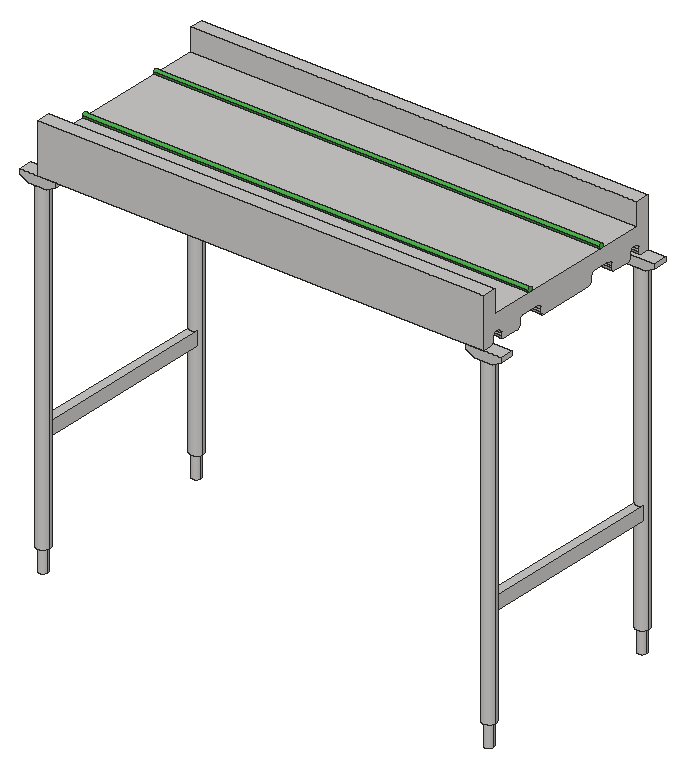
Revit family "QF_ZANUSSI_865122_HSCCT10", category Attrezzature speciali, Revit 2020
Family settings
  Quota connettore circolare = Usa diametro
  Tipo di parte = Normale
  Basato su piano di lavoro = No
  Sempre verticale = Sì
  Taglio con vuoti quando caricato = No
  Condiviso = No
  Punto di calcolo locali = No
Parameters (values of type "Standard")
  Weight = 14.00 kg
  Watts = 0 W
  Volts = 0 V
  URL Manufacturer = "http://www.zanussiprofessional.com"
  URL = "http://www.zanussiprofessional.com"
  Steam Supply Size = 0 mm
  Steam Supply Minimum Pressure = 0.0 Pa
  Steam Supply Maximum Pressure = 0.0 Pa
  Steam Consumption per Hour = 0
  Show Clearance [instance] = yes
  Refrigeration Suction Line Size = 0 mm
  Refrigeration Liquid Line Size = 0 mm
  Refrigerant Compressor Remote = yes
  Prospetto di default = 0 mm
  Produttore = "Zanussi"
  Phase = 0
  Modello = "HSCCT10"
  Length Actual = 1000 mm  # constant formula
  Item Number = "865122"
  Hot Water Size = 0 mm
  Height Actual = 910 mm  # constant formula
  HP = "0 HP"
  Gas Size = 0 mm
  Gas KW = 0
  Gas Input Pressure = 0 W
  Direct Waste Size = 0 mm
  Description = "CORD CONVEYOR FOR TRAYS, 1000 MM "
  Depth Actual = 460 mm  # constant formula
  Cycle = 0 Hz
  Condensate Return Size = 0 mm
  Compressed Air Volume = 0.0 L/s
  Compressed Air Size = 0 mm
  Compressed Air Pressure = 0.0 Pa
  Cold Water Size = 0 mm
  Accessory = yes
Reference planes
  plane 1 "Center (Front/Back)": y = 0
  plane 2: z = 0
  plane 3 "FRONT": y = -460
  plane 4 "LEFT": x = -126
  plane 5 "RIGHT": x = 874
  plane 6: z = 800.5
  plane 7: x = 374
  plane 8: y = -230
  plane 9: z = 910.5
  plane 10: y = -130
  plane 11: y = -330
  plane 12: x = -126
  plane 13: z = 270.5
Forms (mm)
  Extrusion 1, solid, material "QF_Finishes_Stainless Steel"
    sketch origin (0, 0, 800.5) x (0, 1, 0) y (0, 0, 1)
      loop
        line (0, 110) -> (-30, 110) -> (-30, 60) -> (-430, 60) -> (-430, 110) -> (-460, 110) -> (-460, 0) -> (-442, 0)
        arc (-442, 0) -> (-437.05, 2.05) -> (-435, 7) r 7
        line (-435, 7) -> (-435, 12.5)
        arc (-435, 12.5) -> (-431.339, 21.339) -> (-422.5, 25) r 12.5
        arc (-422.5, 25) -> (-413.661, 21.339) -> (-410, 12.5) r 12.5
        line (-410, 12.5) -> (-410, 7)
        arc (-410, 7) -> (-407.95, 2.05) -> (-403, 0) r 7
        line (-403, 0) -> (-367, 0)
        arc (-367, 0) -> (-362.05, 2.05) -> (-360, 7) r 7
        line (-360, 7) -> (-360, 12.5)
        arc (-360, 12.5) -> (-356.339, 21.339) -> (-347.5, 25) r 12.5
        line (-347.5, 25) -> (-312.5, 25)
        arc (-312.5, 25) -> (-303.661, 21.339) -> (-300, 12.5) r 12.5
        line (-300, 12.5) -> (-300, 6.708)
        arc (-300, 6.708) -> (-298.612, 2.525) -> (-295, 0) r 7
        line (-295, 0) -> (-167, 0)
        arc (-167, 0) -> (-162.05, 2.05) -> (-160, 7) r 7
        line (-160, 7) -> (-160, 12.5)
        arc (-160, 12.5) -> (-156.339, 21.339) -> (-147.5, 25) r 12.5
        line (-147.5, 25) -> (-112.5, 25)
        arc (-112.5, 25) -> (-103.661, 21.339) -> (-100, 12.5) r 12.5
        line (-100, 12.5) -> (-100, 7)
        arc (-100, 7) -> (-97.95, 2.05) -> (-93, 0) r 7
        line (-93, 0) -> (-57, 0)
        arc (-57, 0) -> (-52.05, 2.05) -> (-50, 7) r 7
        line (-50, 7) -> (-50, 12.5)
        arc (-50, 12.5) -> (-46.339, 21.339) -> (-37.5, 25) r 12.5
        arc (-37.5, 25) -> (-28.661, 21.339) -> (-25, 12.5) r 12.5
        line (-25, 12.5) -> (-25, 7)
        arc (-25, 7) -> (-22.95, 2.05) -> (-18, 0) r 7
        line (-18, 0) -> (0, 0) -> (0, 110)
    from -126 to 874
  Extrusion 2, solid, material "QF_Finishes_Green"
    sketch origin (0, 100, 800.5) x (0, 1, 0) y (0, 0, 1)
      loop
        circle (-230, 65) r 5
    from -126 to 874
  Extrusion 3, solid, material "QF_Finishes_Green"
    sketch origin (0, -560, 800.5) x (0, -1, 0) y (0, 0, -1)
      loop
        circle (-230, -65) r 5
    from -126 to 874
  Extrusion 4, solid, material "QF_Finishes_Stainless Steel"
    sketch origin (0, 250, 0) x (-1, 0, 0) y (0, 0, 1)
      loop
        line (166, 800.5) -> (86, 800.5) -> (86, 790.5) -> (106, 778.953) -> (146, 778.953) -> (166, 790.5) -> (166, 800.5)
    from -710 to -680
  Revolve 5, solid, material "QF_Finishes_Stainless Steel"
    sketch origin (0, -445, 0) x (-1, 0, 0) y (0, 0, 1)
      loop
        line (126, 778.953) -> (111, 778.953) -> (111, 50.5) -> (116, 50.5) -> (116, 0) -> (126, 0) -> (126, 778.953)
      axis (126, 778.953) -> (126, 0)
    angle from 0 to 360
  Extrusion 6, solid, material "QF_Finishes_Stainless Steel"
    sketch origin (0, 680, 0) x (-1, 0, 0) y (0, 0, 1)
      loop
        line (166, 800.5) -> (86, 800.5) -> (86, 790.5) -> (106, 778.953) -> (146, 778.953) -> (166, 790.5) -> (166, 800.5)
    from -710 to -680
  Revolve 7, solid, material "QF_Finishes_Stainless Steel"
    sketch origin (0, -15, 0) x (-1, 0, 0) y (0, 0, 1)
      loop
        line (126, 778.953) -> (111, 778.953) -> (111, 50.5) -> (116, 50.5) -> (116, 0) -> (126, 0) -> (126, 778.953)
      axis (126, 778.953) -> (126, 0)
    angle from 0 to 360
  Extrusion 8, solid, material "QF_Finishes_Stainless Steel"
    sketch origin (1000, 680, 0) x (-1, 0, 0) y (0, 0, 1)
      loop
        line (166, 800.5) -> (86, 800.5) -> (86, 790.5) -> (106, 778.953) -> (146, 778.953) -> (166, 790.5) -> (166, 800.5)
    from -710 to -680
  Revolve 9, solid, material "QF_Finishes_Stainless Steel"
    sketch origin (1000, -15, 0) x (-1, 0, 0) y (0, 0, 1)
      loop
        line (126, 778.953) -> (111, 778.953) -> (111, 50.5) -> (116, 50.5) -> (116, 0) -> (126, 0) -> (126, 778.953)
      axis (126, 778.953) -> (126, 0)
    angle from 0 to 360
  Extrusion 10, solid, material "QF_Finishes_Stainless Steel"
    sketch origin (1000, 250, 0) x (-1, 0, 0) y (0, 0, 1)
      loop
        line (166, 800.5) -> (86, 800.5) -> (86, 790.5) -> (106, 778.953) -> (146, 778.953) -> (166, 790.5) -> (166, 800.5)
    from -710 to -680
  Revolve 11, solid, material "QF_Finishes_Stainless Steel"
    sketch origin (1000, -445, 0) x (-1, 0, 0) y (0, 0, 1)
      loop
        line (126, 778.953) -> (111, 778.953) -> (111, 50.5) -> (116, 50.5) -> (116, 0) -> (126, 0) -> (126, 778.953)
      axis (126, 778.953) -> (126, 0)
    angle from 0 to 360
  Extrusion 12, solid, material "QF_Finishes_Stainless Steel"
    sketch origin (1010, 0, 128.154) x (0, 1, 0) y (0, 0, 1)
      loop
        line (-20, 172.346) -> (-440, 172.346) -> (-440, 142.346) -> (-20, 142.346) -> (-20, 172.346)
    from -146 to -126
  Extrusion 13, solid, material "QF_Finishes_Stainless Steel"
    sketch origin (-262, 0, 128.154) x (0, 1, 0) y (0, 0, -1)
      loop
        line (-20, -172.346) -> (-20, -142.346) -> (-440, -142.346) -> (-440, -172.346) -> (-20, -172.346)
    from -146 to -126
Dimensions and locks
  plane 4 "LEFT" to plane 5 "RIGHT" = 1000 mm
  plane 1 "Center (Front/Back)" to plane 3 "FRONT" = 460 mm  (x2)
  plane 5 "RIGHT" to plane 4 "LEFT" = 1000 mm
  plane 9 to level = 910.5 mm  (x2)
  plane 10 to plane 11 = 200 mm
  plane 6 to plane 9 = 110 mm
  plane 9 to plane 6 = 110 mm
  plane 9 to plane 13 = 640 mm
  Extrusion 1 to Extrusion 1 = 30 mm
  aligned and locked: level to plane 2
